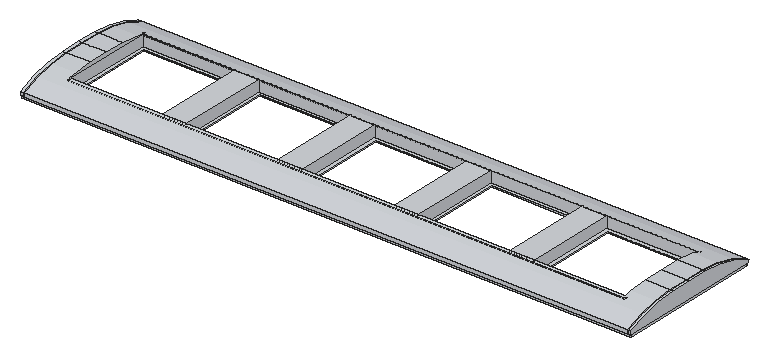
Revit family "Gira_0215776", category Electrical Fixtures, host Face, Revit 2017
Family settings
  Host = Face
  Maintain Annotation Orientation = No
  Round Connector Dimension = Use Diameter
  Part Type = Normal
  Cut with Voids When Loaded = No
  Shared = No
  Room Calculation Point = No
Parameters (values of type "Cov.fr. 5-g interm.fr. CAl Gira Event Clear sand")
  With mounting grid = "No"
  With hinged lid = "No"
  URL = "http://katalog.gira.de/en/datenblatt.html?artikelnr=0215776"
  Type of fastening = "Clamp mounting"
  Transparent = "No"
  Surface protection = "Other"
  Surface finishing = "Glossy"
  Suitable for wall duct = "No"
  Suitable for flush-mounted installation = "Yes"
  Suitable for floor box = "No"
  Suitable for built-in installation = "No"
  Number of units vertical = "5"
  Number of units horizontal = "5"
  Number of units = "5"
  Name = "Cov.fr. 5-g interm.fr. CAl Gira Event Clear sand"
  Mounting direction = "Horizontal and vertical"
  Material quality = "Thermoplastic"
  Material = "Plastic"
  Manufacturer URL = "https://www.gira.de/"
  Manufacturer = "Gira"
  Label space/information surface = "No"
  Keynote = ""
  HeinzeBIM = "https://bimportal.heinze.de/bim/cov-fr-5-g-interm-fr-cal-gira-event-clear-sand/5180cb6e74d4084bd5d88925c6a8416e162df447"
  Halogen free = "Yes"
  HAN = "0215776"
  GTIN = "4010337069638"
  Description = "Cov.fr.5g i.fr.CAl EvCl SD,Gira Event Clear cover frame,sand with colour aluminium intermediate frame,5-gang,Features:,- Shatter-proof."
  Degree of protection (IP) = "IP20"
  Default Elevation = 1219.2 mm
  Data sheet (1) = "https://katalog.gira.de/en/download.html?artikelnr=0215776"
  Colour = "Other"
  Category = "Cover frame for domestic switching devices"
  BIM (1) = "https://media.stage.bim.site/public/gira/36a6b08/Event_Rahmen_5fach.rfa"
  Available = "No"
Reference planes
  plane 1 "Center (Front/Back)": y = 0
  plane 2: z = 0
  plane 3 "Center (Left/Right)": x = 0
Forms (mm)
  Extrusion 1, solid, detail levels fine
    sketch origin (0, 0, 0.05) x (0, 1, 0) y (0, 0, 1)
      loop
        arc (12.445, 9.683) -> (6.223, 9.833) -> (0, 9.85) r 291.636
        arc (0, 9.85) -> (-6.223, 9.833) -> (-12.445, 9.683) r 291.636
        arc (-12.445, 9.683) -> (-29.14, 7.482) -> (-45, 1.823) r 79.728
        line (-45, 1.823) -> (-45, -0.05) -> (-42.086, -0.05)
        arc (-42.086, -0.05) -> (-21.385, 5.559) -> (0, 7.206) r 114.424
        arc (0, 7.206) -> (21.385, 5.559) -> (42.086, -0.05) r 114.424
        line (42.086, -0.05) -> (45, -0.05) -> (45, 1.823)
        arc (45, 1.823) -> (29.14, 7.482) -> (12.445, 9.683) r 79.728
    from -185.578 to 185.593
  Extrusion 2, void, detail levels fine
    sketch origin (0, 0, 0) x (1, 0, 0) y (0, 1, 0)
      loop
        line (170.607, 28) -> (-170.593, 28) -> (-170.593, -28) -> (170.607, -28) -> (170.607, 28)
    from 0.724 to 11
  Extrusion 3, solid, detail levels coarse
    sketch origin (0, 0, 0) x (1, 0, 0) y (0, 1, 0)
      loop
        line (-187.578, 45) -> (-187.578, -45) -> (187.593, -45) -> (187.593, 45) -> (-187.578, 45)
    from -1.5 to 9.9
  Extrusion 4, solid, detail levels medium
    sketch origin (0, 0, 0.05) x (0, 1, 0) y (0, 0, 1)
      loop
        arc (12.445, 9.683) -> (6.223, 9.833) -> (0, 9.85) r 291.636
        arc (0, 9.85) -> (-6.223, 9.833) -> (-12.445, 9.683) r 291.636
        arc (-12.445, 9.683) -> (-29.14, 7.482) -> (-45, 1.823) r 79.728
        line (-45, 1.823) -> (-45, -0.05) -> (45, -0.05) -> (45, 1.823)
        arc (45, 1.823) -> (29.14, 7.482) -> (12.445, 9.683) r 79.728
    from -187.578 to 187.593
  Extrusion 5, solid, detail levels fine
    sketch origin (-142.578, 0, -1.5) x (0, 1, 0) y (0, 0, -1)
      loop
        line (45, -3.373) -> (45, -1.5) -> (-45, -1.5) -> (-45, -3.373)
        arc (-45, -3.373) -> (-29.14, -9.032) -> (-12.445, -11.233) r 79.728
        arc (-12.445, -11.233) -> (-6.223, -11.383) -> (0, -11.4) r 291.636
        arc (0, -11.4) -> (6.223, -11.383) -> (12.445, -11.233) r 291.636
        arc (12.445, -11.233) -> (29.14, -9.032) -> (45, -3.373) r 79.728
    from 43 to 45
  Extrusion 6, solid, detail levels fine
    sketch origin (0, 0, 0) x (1, 0, 0) y (0, 1, 0)
      loop
        line (-168.493, 25.7) -> (-168.493, -25.7) -> (-116.693, -25.7) -> (-116.693, 25.7) -> (-168.493, 25.7)
      loop
        line (-45.398, -25.7) -> (-45.398, 25.7) -> (-97.198, 25.7) -> (-97.198, -25.7) -> (-45.398, -25.7)
      loop
        line (-171.487, 28.49) -> (-171.487, -28.495)
        spline (-171.487, -28.495) -> (-171.479, -28.625) -> (-171.453, -28.754) -> (-171.411, -28.878) -> (-171.353, -28.995) -> (-171.281, -29.104) -> (-171.194, -29.202) -> (-171.096, -29.288) -> (-170.987, -29.361) -> (-170.87, -29.419) -> (-170.746, -29.461) -> (-170.618, -29.486) -> (-170.487, -29.495)
        line (-170.487, -29.495) -> (170.502, -29.495)
        spline (170.502, -29.495) -> (170.633, -29.486) -> (170.761, -29.461) -> (170.885, -29.419) -> (171.002, -29.361) -> (171.111, -29.288) -> (171.209, -29.202) -> (171.296, -29.104) -> (171.368, -28.995) -> (171.426, -28.878) -> (171.468, -28.754) -> (171.494, -28.625) -> (171.502, -28.495)
        line (171.502, -28.495) -> (171.502, 28.49)
        spline (171.502, 28.49) -> (171.494, 28.62) -> (171.468, 28.748) -> (171.426, 28.872) -> (171.368, 28.99) -> (171.296, 29.098) -> (171.209, 29.197) -> (171.111, 29.283) -> (171.002, 29.356) -> (170.885, 29.413) -> (170.761, 29.456) -> (170.633, 29.481) -> (170.502, 29.49)
        line (170.502, 29.49) -> (-170.487, 29.49)
        spline (-170.487, 29.49) -> (-170.618, 29.481) -> (-170.746, 29.456) -> (-170.87, 29.413) -> (-170.987, 29.356) -> (-171.096, 29.283) -> (-171.194, 29.197) -> (-171.281, 29.098) -> (-171.353, 28.99) -> (-171.411, 28.872) -> (-171.453, 28.748) -> (-171.479, 28.62) -> (-171.487, 28.49)
      loop
        line (25.902, -25.7) -> (25.902, 25.7) -> (-25.898, 25.7) -> (-25.898, -25.7) -> (25.902, -25.7)
      loop
        line (97.207, -25.7) -> (97.207, 25.7) -> (45.407, 25.7) -> (45.407, -25.7) -> (97.207, -25.7)
      loop
        line (168.507, -25.7) -> (168.507, 25.7) -> (116.707, 25.7) -> (116.707, -25.7) -> (168.507, -25.7)
    from 0.1 to 7.3
  Extrusion 7, solid
    sketch origin (0, 0, 0) x (1, 0, 0) y (0, 1, 0)
      loop
        arc (-187.293, -44.218) -> (-187.146, -44.572) -> (-186.793, -44.718) r 0.5
        line (-186.793, -44.718) -> (186.807, -44.718)
        arc (186.807, -44.718) -> (187.161, -44.572) -> (187.307, -44.218) r 0.5
        line (187.307, -44.218) -> (187.307, 44.182)
        arc (187.307, 44.182) -> (187.161, 44.535) -> (186.807, 44.682) r 0.5
        line (186.807, 44.682) -> (-186.793, 44.682)
        arc (-186.793, 44.682) -> (-187.146, 44.535) -> (-187.293, 44.182) r 0.5
        line (-187.293, 44.182) -> (-187.293, -44.218)
      loop
        line (-185.593, 42.982) -> (-185.593, -43.018) -> (185.607, -43.018) -> (185.607, 42.982) -> (-185.593, 42.982)
    from -1.5 to 0.5
  Extrusion 8, solid, detail levels fine
    sketch origin (142.593, 0, -1.5) x (0, 1, 0) y (0, 0, 1)
      loop
        arc (45, 3.373) -> (29.14, 9.032) -> (12.445, 11.233) r 79.728
        arc (12.445, 11.233) -> (6.223, 11.383) -> (0, 11.4) r 291.636
        arc (0, 11.4) -> (-6.223, 11.383) -> (-12.445, 11.233) r 291.636
        arc (-12.445, 11.233) -> (-29.14, 9.032) -> (-45, 3.373) r 79.728
        line (-45, 3.373) -> (-45, 1.5) -> (45, 1.5) -> (45, 3.373)
    from 43 to 45
  Extrusion 9, solid, detail levels medium
    sketch origin (0, 0, 0) x (1, 0, 0) y (0, 1, 0)
      loop
        line (-187.293, -44.718) -> (187.307, -44.718) -> (187.307, 44.682) -> (-187.293, 44.682) -> (-187.293, -44.718)
    from -1.5 to 0.5
  Extrusion 10, solid, detail levels fine
    sketch origin (-105.5, 0, 0) x (1, 0, 0) y (0, 1, 0)
      loop
        line (-8.943, 28.063) -> (-8.943, -27.937) -> (6.057, -27.937) -> (6.057, 28.063) -> (-8.943, 28.063)
    from 0.724 to 7.566
  Extrusion 11, solid, detail levels fine
    sketch origin (-37.085, 0, 0) x (-1, 0, 0) y (0, -1, 0)
      loop
        line (-8.943, -28.063) -> (6.057, -28.063) -> (6.057, 27.937) -> (-8.943, 27.937) -> (-8.943, -28.063)
    from 0.724 to 7.566
  Extrusion 12, solid, detail levels fine
    sketch origin (105.5, 0, 0) x (-1, 0, 0) y (0, -1, 0)
      loop
        line (-8.943, -28.063) -> (6.057, -28.063) -> (6.057, 27.937) -> (-8.943, 27.937) -> (-8.943, -28.063)
    from 0.724 to 7.566
  Extrusion 13, solid, detail levels fine
    sketch origin (37.085, 0, 0) x (1, 0, 0) y (0, 1, 0)
      loop
        line (-8.943, 28.063) -> (-8.943, -27.937) -> (6.057, -27.937) -> (6.057, 28.063) -> (-8.943, 28.063)
    from 0.724 to 7.566
Cuts and joins
  Extrusion 2 cuts Extrusion 1
  Extrusion 2 cuts Extrusion 6
Dimensions and locks
  aligned and locked: plane 2 to host face
  aligned and locked: level to host face
